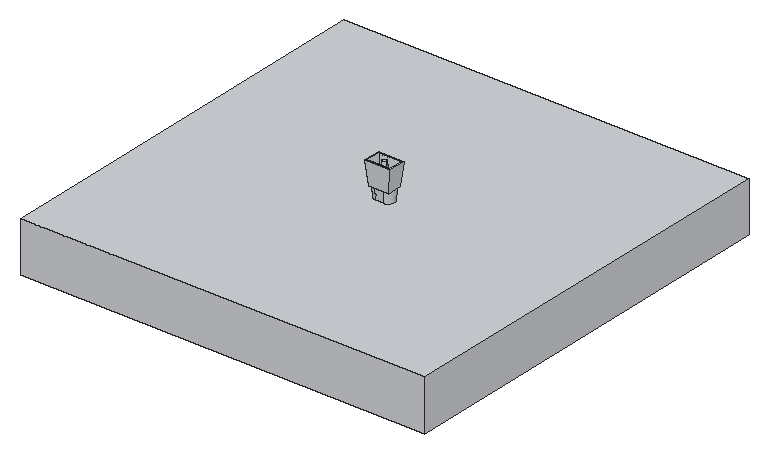
Revit family "M_Alarme de segurança", category Dispositivos de segurança, Revit 2019
Family settings
  Hospedeiro = Face
  Manter orientação da anotação = Sim
  Cota do conector redondo = Utilizar diâmetro
  Tipo de parte = Normal
  Número OmniClass = 23.85.10.11.11.14
  Título OmniClass = Sirens
  ID de item do Seek = Security Alarm-0000-CAN-ENU
  Corte com vazios quando carregada = Não
  Compartilhado = Não
  Ponto de cálculo do ambiente = Não
Parameters (values of type "102 mmx152 mm")
  Largura 1 = Largura da sirene * 0.8  # 81.6 mm
  Raio 1 = Largura da sirene * 0.4  # 40.8 mm
  Comprimento 1 = Comprimento da sirene * 0.8  # 121.6 mm
  Altura 1 = Altura da sirene / 3  # 67.667 mm
  Elevação-padrão = 1200 mm
  Largura da sirene = 102 mm
  Material da sirene = none
  Comprimento da sirene = 152 mm
  Altura da sirene = 203 mm
Types (3, lengths in mm): name | Largura 1 | Raio 1 | Comprimento 1 | Altura 1 | Elevação-padrão | Largura da sirene | Comprimento da sirene | Altura da sirene
  (no name) | 81.6 | 40.8 | 121.6 | 67.667 | 1200 | 102 | 152 | 203
  102 mmx152 mm | 81.6 | 40.8 | 121.6 | 67.667 | 1200 | 102 | 152 | 203
  127 mmx203 mm | 101.6 | 50.8 | 162.4 | 80.333 | 1219 | 127 | 203 | 241
Reference planes
  plane 1 "Centro (Frente/Trás)": y = 0
  plane 2: z = 0
  plane 3 "Centro (Esquerda/Direita)": x = 0
  plane 4: x = -76
  plane 5: x = 76
  plane 6: z = 203
  plane 7: y = 51
  plane 8: y = -51
  plane 9: y = 44.65
  plane 10: y = -44.65
  plane 11: x = -69.65
  plane 12: x = 69.65
  plane 13: x = -60.8
  plane 14: x = 60.8
  plane 15: y = 40.8
  plane 16: y = -40.8
  plane 17: y = 34.45
  plane 18: y = -34.45
  plane 19: x = -54.45
  plane 20: x = 54.45
  plane 21: z = 74.017
  plane 22: z = 67.667
Forms (mm)
  Extrusion 1, solid
    sketch origin (0, 0, 0) x (1, 0, 0) y (0, 1, 0)
      loop
        line (-1219.2, 1219.2) -> (-1219.2, -1219.2) -> (1219.2, -1219.2) -> (1219.2, 1219.2) -> (-1219.2, 1219.2)
    from 0 to -304.8
  Blend 2, solid, material <- "Material da sirene"
    base sketch origin (0, 0, 0) x (1, 0, 0) y (0, 1, 0)
      loop
        line (-60.8, 40.8) -> (-60.8, -40.8) -> (60.8, -40.8) -> (60.8, 40.8) -> (-60.8, 40.8)
    top sketch origin (0, 0, 0) x (1, 0, 0) y (0, 1, 0)
      loop
        line (-76, 51) -> (-76, -51) -> (76, -51) -> (76, 51) -> (-76, 51)
    from 67.667 to 203
  Blend 3, void
    base sketch origin (0, 0, 0) x (1, 0, 0) y (0, 1, 0)
      loop
        line (-54.45, 34.45) -> (-54.45, -34.45) -> (54.45, -34.45) -> (54.45, 34.45) -> (-54.45, 34.45)
    top sketch origin (0, 0, 0) x (1, 0, 0) y (0, 1, 0)
      loop
        line (-69.65, 44.65) -> (-69.65, -44.65) -> (69.65, -44.65) -> (69.65, 44.65) -> (-69.65, 44.65)
    from 74.017 to 203
  Blend 4, solid, material <- "Material da sirene"
    base sketch origin (0, 0, 0) x (1, 0, 0) y (0, 1, 0)
      loop
        arc (-25.4, 34.45) -> (-59.85, 0) -> (-25.4, -34.45) r 34.45
        line (-25.4, -34.45) -> (25.4, -34.45)
        arc (25.4, -34.45) -> (59.85, 0) -> (25.4, 34.45) r 34.45
        line (25.4, 34.45) -> (-25.4, 34.45)
    top sketch origin (0, 0, 0) x (1, 0, 0) y (0, 1, 0)
      loop
        arc (-25.717, 39.213) -> (-64.93, 0) -> (-25.717, -39.213) r 39.213
        line (-25.717, -39.213) -> (25.718, -39.213)
        arc (25.718, -39.213) -> (64.93, 0) -> (25.718, 39.213) r 39.213
        line (25.718, 39.213) -> (-25.717, 39.213)
    from 0 to 67.667
  Blend 5, solid, material <- "Material da sirene"
    base sketch origin (0, 0, 0) x (1, 0, 0) y (0, 1, 0)
      loop
        circle (0, 0) r 25.4
    top sketch origin (0, 0, 0) x (1, 0, 0) y (0, 1, 0)
      loop
        circle (0, 0) r 12.7
    from 80.433 to 203
Cuts and joins
  Blend 3 cuts Blend 2
Lines and regions (mm)
  symbolic lines, detail levels fine
    curve 1: line (76, 0, 203) -> (-76, 0, 203)
    curve 2: line (-59.53, 0, 0) -> (59.53, 0, 0)
    curve 3: line (64.61, 0, 67.667) -> (-64.61, 0, 67.667)
    curve 4: line (60.8, 0, 67.667) -> (76, 0, 203)
    curve 5: line (-76, 0, 203) -> (-60.8, 0, 67.667)
    curve 6: line (-64.61, 0, 67.667) -> (-59.53, 0, 0)
    curve 7: line (64.61, 0, 67.667) -> (59.53, 0, 0)
Dimensions and locks
  equal spacing: plane 4, plane 3 "Centro (Esquerda/Direita)", plane 5
  "Comprimento da sirene": plane 4 to plane 5
  "Altura da sirene": plane 6 to plane 2
  equal spacing: plane 7, plane 1 "Centro (Frente/Trás)", plane 8
  "Largura da sirene": plane 7 to plane 8
  locked: plane 4 to plane 11 at 6.35
  locked: plane 12 to plane 5 at 6.35
  locked: plane 7 to plane 9 at 6.35
  locked: plane 10 to plane 8 at 6.35
  equal spacing: plane 13, plane 3 "Centro (Esquerda/Direita)", plane 14
  "Comprimento 1": plane 13 to plane 14
  equal spacing: plane 15, plane 1 "Centro (Frente/Trás)", plane 16
  "Largura 1": plane 15 to plane 16
  locked: plane 15 to plane 17 at 6.35
  locked: plane 18 to plane 16 at 6.35
  locked: plane 13 to plane 19 at 6.35
  locked: plane 20 to plane 14 at 6.35
  "Altura 1": plane 22 to plane 2
  locked: plane 21 to plane 22 at 6.35
  aligned and locked: plane 2 to Extrusion 1
  aligned and locked: level to Extrusion 1
  aligned and locked: plane 13 to Blend 2 sketch curve
  aligned and locked: Blend 2 sketch curve to plane 15
  aligned and locked: plane 16 to Blend 2 sketch curve
  aligned and locked: Blend 2 sketch curve to plane 14
  aligned and locked: plane 4 to Blend 2 sketch curve
  aligned and locked: Blend 2 sketch curve to plane 7
  aligned and locked: plane 8 to Blend 2 sketch curve
  aligned and locked: Blend 2 sketch curve to plane 5
  aligned and locked: plane 19 to Blend 3 sketch curve
  aligned and locked: Blend 3 sketch curve to plane 17
  aligned and locked: plane 18 to Blend 3 sketch curve
  aligned and locked: Blend 3 sketch curve to plane 20
  aligned and locked: plane 11 to Blend 3 sketch curve
  aligned and locked: Blend 3 sketch curve to plane 9
  aligned and locked: plane 10 to Blend 3 sketch curve
  aligned and locked: Blend 3 sketch curve to plane 12
  aligned and locked: plane 6 to Blend 2
  aligned and locked: plane 6 to Blend 3
  aligned and locked: Blend 4 to plane 2
  aligned and locked: plane 1 "Centro (Frente/Trás)" to Blend 5 sketch curve  (x2)
  aligned and locked: plane 3 "Centro (Esquerda/Direita)" to Blend 5 sketch curve  (x2)
  aligned and locked: plane 6 to Blend 5
  aligned and locked: Blend 3 to plane 21
  aligned and locked: Blend 4 sketch curve to plane 17
  aligned and locked: plane 18 to Blend 4 sketch curve
  aligned and locked: cut or joined group of Blend 2, Blend 3 to plane 22
  aligned and locked: plane 22 to Blend 4
  aligned and locked: plane 3 "Centro (Esquerda/Direita)" to nested 1
  aligned and locked: plane 1 "Centro (Frente/Trás)" to nested 1
  aligned and locked: curve 1 to cut or joined group of Blend 2, Blend 3
  aligned and locked: Blend 4 to curve 2
  aligned and locked: Blend 4 to curve 3
  aligned and locked: curve 4 to cut or joined group of Blend 2, Blend 3
  aligned and locked: curve 5 to cut or joined group of Blend 2, Blend 3
Automatic sketch dimensions
  Extrusion 1 sketch curve to Extrusion 1 sketch curve = 2438.4 mm  (x2)
  Blend 4 sketch curve to plane 3 "Centro (Esquerda/Direita)" = 25.4 mm
  plane 3 "Centro (Esquerda/Direita)" to Blend 4 sketch curve = 25.4 mm
  plane 1 "Centro (Frente/Trás)" to Blend 4 sketch curve = 0 mm
  Blend 4 sketch curve to plane 15 = 1.587 mm
  Blend 4 sketch curve to plane 3 "Centro (Esquerda/Direita)" = 25.717 mm
  plane 3 "Centro (Esquerda/Direita)" to Blend 4 sketch curve = 25.717 mm
  curve 6 to plane 13 = 3.81 mm
  plane 13 to curve 2 = 1.27 mm
  curve 2 to plane 14 = 1.27 mm
  plane 14 to curve 3 = 3.81 mm
  radius of Blend 5 sketch curve = 25.4 mm
  radius of Blend 5 sketch curve = 12.7 mm
Nested families
  nested 1: "M_Anotação de alarme de segurança" at (0, 0, 0), type "Anotação do alarme de segurança", detail levels coarse+medium
Connectors
  electrical at (0, 0, 0)
    settings: on Blend 4, index 1, voltage 0 V, apparent load 0 VA, apparent load phase1 0 VA, apparent load phase2 0 VA, apparent load phase3 0 VA, power factor 1, load classification "Outros", number of poles 1, system type 10, power factor state 1, is connector primary yes, connector utility no, sub classification motor no, connector description ""
Definition of nested family "M_Anotação de alarme de segurança"
  Parameters
    Anotação de legenda = "AIM"
  Reference planes
    plane 1: y = 0
    plane 2: x = 0
  Lines and regions (mm)
    Filled region 1, type "Preto sólido"
      outline origin (0, 1.587, 0) x (1, 0, 0) y (0, 1, 0)
        loop
          line (0, 1.588) -> (0, -1.588)
          arc (0, -1.588) -> (1.588, 0) -> (0, 1.588) r 1.588
    detail lines
      curve 1: circle (0, 1.587, 0) r 1.588 normal (0, 0, 1)
    reference lines
      curve 2: line (-9.521, 1.588, 0) -> (13.454, 1.587, 0)
  Dimensions and locks
    plane 1 to curve 2 = 1.587 mm
    radius of curve 1 = 1.588 mm
    aligned and locked: plane 2 to curve 1
    aligned and locked: Filled region 1 to plane 2
    aligned and locked: curve 2 to curve 1
    aligned and locked: curve 2 to Filled region 1 sketch curve
    aligned and locked: plane 2 to Filled region 1 sketch curve
